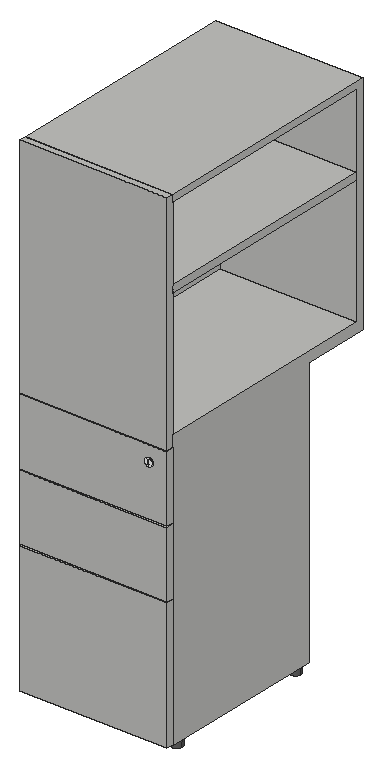
Revit family "Storage-Freestanding-Teknion-JNFBPL-Beam_Tower_Lateral-R20161", category Furniture, Revit 2016
Family settings
  OmniClass Number = 23.40.20.00
  OmniClass Title = General Furniture and Specialties
  Work Plane-Based = No
  Always vertical = Yes
  Cut with Voids When Loaded = No
  Shared = Yes
  Room Calculation Point = No
Parameters (values of type "Solid - Box, Box, File Drawer Configuration")
  Width = 15.000"
  Warranty = "http://www.teknion.com/ca/papers/legal-canada"
  Unit Weight URL = "http://www.teknion.com/ca/tools/assets#&asset=bee6a381-b954-425e-8283-5a2de3a804f2,f828d448-4b62-4231-9e5f-9a8991c0ed77"
  URL = "www.teknion.com"
  To render, please download texture images [instance] = "https://assets.teknion.com/web/5e81352c1dfdb467/revit-material-swatches/"
  Sustainability Data = "http://www.teknion.com/ca/tools/assets#&topic=216f99a5-57a0-44fc-b10a-9dee9b29ae4c&asset=444deb64-fe58-4b68-981e-f75e97781df7"
  Structural Post Visibility [instance] = or(Has End of Station Storage Structural Post, [Has In-Line Storage Structural Post])  # no
  Structural Post Offset [instance] = if(Has End of Station Storage Structural Post, 3.150", 1.573")  # 1.573"
  Structural Post Note [instance] = "Please choose one of the following below, if a Structural Post is needed."  # constant formula
  Structural Post Finish [instance] = Mica - Teknion - V - Satin - Very White
  Shelf Visibility [instance] = or(Height = 51.000", Height = 57.000")  # yes
  Shelf Offset [instance] = if(Height = 51.000", 8.299", 10.000")  # 8.299"
  Series = "Expansion Cityline"  # constant formula
  Product Page URL = "http://www.teknion.com/ca/products/product-details?productlineid=9ad2a26e-8e7a-673b-a6c8-ff05004460c4"
  Product Line = "Expansion Cityline"  # constant formula
  Product Documentation Link = "http://www.teknion.com/pricing/expansion-cityline/pdfs/JNFBPL_ppg.pdf"
  Position Offset Length [instance] = if(End of Station, 1.016", 0.000")  # 0.000"
  Part Number = "JNFBPL"  # constant formula
  Note [instance] = "File drawers can only accommodate legal size suspended files. This storage unit has a central locking system. Depth of drawers is fixed. Only the high open section depth varies."  # constant formula
  Model = "JNFBPLSF"
  Manufacturer Phone = "416-661-3370"  # constant formula
  Manufacturer Fax = "416.661.4586"  # constant formula
  Manufacturer Contact Information = "http://www.teknion.com/ca/contactus"
  Manufacturer Address = "1150 Flint Road, Toronto, ON. M3J 2J5. Canada"  # constant formula
  Manufacturer = "Teknion"  # constant formula
  In-Line [instance] = yes
  How To Use Teknion Materials User Guide [instance] = "https://assets.teknion.com/m/205dd0a49fa58060/original/How-to-add-a-Material-Library-and-Texture-Images-to-your-Revit-project.pdf"
  Height [instance] = 51.000"
  Has In-Line Storage Structural Post [instance] = no
  Has End of Station Storage Structural Post [instance] = no
  Front Finish [instance] = Source Laminate - Teknion - RV - Very White
  For Additional Finishes, please visit [instance] = "https://assets.teknion.com/m/44a8009b046e5d47/original/Teknion_Materials_Library.zip"
  File, File Drawer Configuration = not([Box, Box File Drawer Configuration])  # no
  End of Station [instance] = not([In-Line])  # no
  Description = "Beam Tower with Drawers – Lateral Access, Solid, Box, Box File Drawer Configuration"
  Depth [instance] = 24.000"
  Case Finish [instance] = Source Laminate - Teknion - RV - Very White
  Cabinet Gap Offset [instance] = if(Depth = 24.000", 6.898", 12.898")  # 6.898"
  Box, Box File Drawer Configuration = yes
  Back Glide Position Offset [instance] = if([In-Line], Cabinet Gap Offset + 0.997", 0.997")  # 7.895"
  Available Heights [instance] = "42, 51, and 57 inches."  # constant formula
  Available Depths [instance] = "24, 30 inches."  # constant formula
  Assembly Code = "E2020200"
Types (2): name | Model | File, File Drawer Configuration | Description | Box, Box File Drawer Configuration
  Solid - Box, Box, File Drawer Configuration | "JNFBPLSF" | no | "Beam Tower with Drawers – Lateral Access, Solid, Box, Box File Drawer Configuration" | yes
  Solid - File, File, Drawer Configuration | "JNFBPLSB" | yes | "Beam Tower with Drawers – Lateral Access, Solid, File, File, Drawer Configuration" | no
Reference planes (in)
  plane 1 "Center Front/Back": y = 0.09843
  plane 2: z = 0
  plane 3 "Center Left/Right": x = 0
  plane 4 "Left": x = -7.5
  plane 5 "Right": x = 7.5
  plane 6 "Back": y = 12.09843
  plane 7 "Front": y = -11.90157
  plane 8 "Top": z = 51
  plane 9: y = 11.39764
  plane 10: x = -6.48425
  plane 11: y = 5.20043
  plane 12: y = -12.09843
  plane 13: y = -12.79921
  plane 14: z = 13.98228
  plane 15: z = 0.72047
  plane 16: z = 20.89665
  plane 17: z = 21.01476
  plane 18: z = 27.81102
  plane 19: z = 27.92913
  plane 20: z = 14.10039
  plane 21: z = 27.98425
  plane 22: z = 0.60236
  plane 23: y = -12.85827
  plane 24: z = 42.701
  plane 25: z = 42.00021
  plane 26: z = 29
  plane 27: y = 10.52543
  plane 28: y = 12.70543
  plane 29: y = 11.49643
  plane 30: x = -6.189
  plane 31: x = -4.98
  plane 32: z = 1
  plane 33: z = 23.599
  plane 34: z = 27.071
  plane 35: z = 23.787
  plane 36: y = 12.85043
  plane 37: y = 11.35043
  plane 38: x = -6.335
  plane 39: x = -4.835
  plane 40: z = 27.259
Forms (in)
  Extrusion 1, solid, material "Source Laminate - Teknion - RV - Very White" <- "Case Finish"
    sketch origin (-7.5, 0, 0) x (0, 1, 0) y (0, 0, 1)
      loop
        line (12.09843, 0.60236) -> (12.09843, 51) -> (-12.09843, 51) -> (-12.09843, 27.92913) -> (-11.90157, 27.92913) -> (-11.90157, 0.60236) -> (12.09843, 0.60236)
    from 0 to 15
  Extrusion 2, solid, material "Source Laminate - Teknion - RV - Very White" <- "Front Finish"
    sketch origin (0, -12.09843, 42) x (0, 0, 1) y (-1, 0, 0)
      loop
        line (-28.01772, 7.5) -> (-41.27953, 7.5) -> (-41.27953, -7.5) -> (-28.01772, -7.5) -> (-28.01772, 7.5)
    from 0 to 0.70079
  Extrusion 3, solid, material "Source Laminate - Teknion - RV - Very White" <- "Front Finish", visible <- "Box, Box File Drawer Configuration"
    sketch origin (0, -12.09843, 42) x (0, 0, 1) y (-1, 0, 0)
      loop
        line (-27.89961, -7.5) -> (-21.10335, -7.5) -> (-21.10335, 7.5) -> (-27.89961, 7.5) -> (-27.89961, -7.5)
    from 0 to 0.70079
  Extrusion 4, solid, material "Source Laminate - Teknion - RV - Very White" <- "Front Finish", visible <- "Box, Box File Drawer Configuration"
    sketch origin (0, -12.09843, 42) x (0, 0, 1) y (-1, 0, 0)
      loop
        line (-20.98524, -7.5) -> (-14.18898, -7.5) -> (-14.18898, 7.5) -> (-20.98524, 7.5) -> (-20.98524, -7.5)
    from 0 to 0.70079
  Extrusion 5, solid, material "Source Laminate - Teknion - RV - Very White" <- "Front Finish"
    sketch origin (0, -12.09843, 42) x (0, 0, 1) y (-1, 0, 0)
      loop
        line (9, 7.5) -> (-14.07087, 7.5) -> (-14.07087, -7.5) -> (9, -7.5) -> (9, 7.5)
    from 0 to 0.70079
  Extrusion 6, solid, material "Plastic - Teknion - 52 - Ebony"
    sketch origin (0, 0, 0) x (1, 0, 0) y (0, 1, 0)
      loop
        circle (-6.99262, 4.20343) r 0.5
      loop
        circle (6.99262, 4.20298) r 0.5
      loop
        circle (-6.99262, -10.90161) r 0.5
      loop
        circle (6.99262, -10.90161) r 0.5
    from 0 to 0.60236
  Extrusion 7, void
    sketch origin (0, 0, 0) x (1, 0, 0) y (0, 1, 0)
      loop
        line (7.5, 5.20043) -> (7.5, 12.09843) -> (-7.5, 12.09843) -> (-7.5, 5.20043) -> (7.5, 5.20043)
    from 0.60236 to 27.98425
  Extrusion 8, void
    sketch origin (7.5, 0, 0) x (0, 1, 0) y (0, 0, -1)
      loop
        line (11.39764, -29) -> (-12.09843, -29) -> (-12.09843, -50.29921) -> (11.39764, -50.29921) -> (11.39764, -29)
    from 0 to 13.98425
  Extrusion 9, solid, material "Mica - Teknion - V - Satin - Very White"
    sketch origin (0, -12.09843, 42) x (0, 0, 1) y (-1, 0, 0)
      loop
        circle (-15.76378, -5.66929) r 0.39236
      loop
        line (-15.57677, -5.7185) -> (-15.57677, -5.62007) -> (-15.95079, -5.62007) -> (-15.95079, -5.7185) -> (-15.57677, -5.7185)
    from 0.70079 to 0.75984
  Extrusion 10, solid, material "Source Laminate - Teknion - RV - Very White" <- "Case Finish", visible <- "Shelf Visibility"
    sketch origin (0, 0, 0) x (1, 0, 0) y (0, 1, 0)
      loop
        line (-6.48425, 11.39764) -> (-6.48425, -12.09843) -> (7.5, -12.09843) -> (7.5, 11.39764) -> (-6.48425, 11.39764)
    from 42.00021 to 42.701
  Extrusion 11, solid, material "Source Laminate - Teknion - RV - Very White" <- "Front Finish", visible <- "File, File Drawer Configuration"
    sketch origin (0, -12.09843, 42) x (0, 0, 1) y (-1, 0, 0)
      loop
        line (-27.89961, -7.5) -> (-14.18898, -7.5) -> (-14.18898, 7.5) -> (-27.89961, 7.5) -> (-27.89961, -7.5)
    from 0 to 0.70079
  Extrusion 12, solid, material "Mica - Teknion - V - Satin - Very White" <- "Structural Post Finish", visible <- "Structural Post Visibility"
    sketch origin (0, 0, 0) x (1, 0, 0) y (0, 1, 0)
      loop
        line (-6.189, 12.70543) -> (-6.189, 11.49643) -> (-4.98, 11.49643) -> (-4.98, 12.70543) -> (-6.189, 12.70543)
    from 0 to 1
  Extrusion 13, solid, material "Mica - Teknion - V - Satin - Very White" <- "Structural Post Finish", visible <- "Structural Post Visibility"
    sketch origin (0, 0, 0) x (1, 0, 0) y (0, 1, 0)
      loop
        line (-6.335, 12.85043) -> (-6.335, 11.35043) -> (-4.835, 11.35043) -> (-4.835, 12.85043) -> (-6.335, 12.85043)
    from 1 to 23.599
  Sweep 14, solid, material "Mica - Teknion - V - Satin - Very White" <- "Structural Post Finish", visible <- "Structural Post Visibility"
    path origin (0, 0, 0) x (1, 0, 0) y (0, 1, 0)
      loop
        line (-6.957, 10.52543) -> (-4.323, 10.52543)
    profile origin (-5.64, 10.52543, 0) x (0, 1, 0) y (0, 0, 1)
      loop
        line (3.15, 23.599) -> (3.15, 27.259) -> (0, 27.259) -> (0, 23.599) -> (3.15, 23.599)
      loop
        line (3.032, 23.787) -> (3.032, 27.071) -> (0.118, 27.071) -> (0.118, 23.787) -> (3.032, 23.787)
  Sweep 15, void
    path origin (0, 0, 0) x (1, 0, 0) y (0, 1, 0)
      loop
        line (-6.957, 10.52543) -> (-6.376, 10.52543)
    profile origin (-6.6665, 10.52543, 0) x (0, 1, 0) y (0, 0, 1)
      loop
        line (3.15, 27.071) -> (3.032, 27.071) -> (3.032, 23.787) -> (3.15, 23.787) -> (3.15, 27.071)
  Sweep 16, void
    path origin (0, 0, 0) x (0, 1, 0) y (0, 0, 1)
      loop
        line (10.52543, 27.259) -> (10.52543, 23.599)
    profile origin (0, 10.52543, 25.429) x (1, 0, 0) y (0, 1, 0)
      loop
        line (-6.957, 1.949) -> (-6.957, 1.201) -> (-6.335, 1.201) -> (-6.335, 1.949) -> (-6.957, 1.949)
Cuts and joins
  Extrusion 7, Extrusion 8 cuts Extrusion 1
  Sweep 15, Sweep 16 cuts Sweep 14
Lines and regions (in)
  Masking region 1
    outline origin (0, 0, 0) x (1, 0, 0) y (0, 1, 0)
      loop
        line (7.5, 12.09843) -> (-7.5, 12.09843) -> (-7.5, -12.79921) -> (7.5, -12.79921) -> (7.5, 12.09843)
  Masking region 2
    outline origin (0, 0, 0) x (1, 0, 0) y (0, 1, 0)
      loop
        line (5.27693, -12.79921) -> (5.27693, -12.85827) -> (6.06165, -12.85827) -> (6.06165, -12.79921) -> (5.27693, -12.79921)
  symbolic lines
    curve 1: line (-7.5, -12.09843, 0) -> (7.5, -12.09843, 0)
  symbolic lines, style "FurnitureHiddenLines", detail levels medium+fine
    curve 2: line (-6.48425, 11.39764, 0) -> (-6.48425, -12.09843, 0)
    curve 3: line (7.5, 11.39764, 0) -> (-6.48425, 11.39764, 0)
    curve 12: line (-7.5, 5.20043, 0) -> (7.5, 5.20043, 0)
  symbolic lines, style "FurnitureHiddenLines", detail levels fine
    curve 4: arc (-6.49262, 4.20343, 0) -> (-6.99262, 4.70343, 0) -> (-7.49262, 4.20343, 0) r 0.5
    curve 5: arc (-7.49262, 4.20343, 0) -> (-6.99262, 3.70343, 0) -> (-6.49262, 4.20343, 0) r 0.5
    curve 6: arc (6.49262, 4.20298, 0) -> (6.99262, 3.70298, 0) -> (7.49262, 4.20298, 0) r 0.5
    curve 7: arc (7.49262, 4.20298, 0) -> (6.99262, 4.70298, 0) -> (6.49262, 4.20298, 0) r 0.5
    curve 8: arc (7.49262, -10.90161, 0) -> (6.99262, -10.40161, 0) -> (6.49262, -10.90161, 0) r 0.5
    curve 9: arc (6.49262, -10.90161, 0) -> (6.99262, -11.40161, 0) -> (7.49262, -10.90161, 0) r 0.5
    curve 10: arc (-6.49262, -10.90161, 0) -> (-6.99262, -10.40161, 0) -> (-7.49262, -10.90161, 0) r 0.5
    curve 11: arc (-7.49262, -10.90161, 0) -> (-6.99262, -11.40161, 0) -> (-6.49262, -10.90161, 0) r 0.5
  reference lines, not visible
    curve 13: line (-7.5, 12.09843, 0) -> (7.5, 12.09843, 0)
    curve 14: line (-7.5, 12.09843, 0) -> (-7.5, -12.79921, 0)
    curve 15: line (-7.5, -12.79921, 0) -> (7.5, -12.79921, 0)
    curve 16: line (7.5, 12.09843, 0) -> (7.5, -12.79921, 0)
  symbolic lines, style "FurnitureHiddenLines", visible <- "Structural Post Visibility", detail levels medium+fine
    curve 17: line (-4.323, 13.67543, 0) -> (-6.957, 13.67543, 0)
    curve 18: line (-6.957, 13.67543, 0) -> (-6.957, 12.47443, 0)
    curve 19: line (-6.957, 12.47443, 0) -> (-6.335, 12.47443, 0)
    curve 20: line (-6.335, 11.72643, 0) -> (-6.957, 11.72643, 0)
    curve 21: line (-6.957, 11.72643, 0) -> (-6.957, 10.52543, 0)
    curve 22: line (-6.957, 10.52543, 0) -> (-4.323, 10.52543, 0)
    curve 23: line (-4.323, 10.52543, 0) -> (-4.323, 13.67543, 0)
    curve 24: line (-4.835, 12.85043, 0) -> (-6.335, 12.85043, 0)
    curve 25: line (-6.335, 12.85043, 0) -> (-6.335, 11.35043, 0)
    curve 26: line (-6.335, 11.35043, 0) -> (-4.835, 11.35043, 0)
    curve 27: line (-4.835, 11.35043, 0) -> (-4.835, 12.85043, 0)
  symbolic lines, style "FurnitureHiddenLines", visible <- "Structural Post Visibility", detail levels fine
    curve 28: line (-6.376, 13.55743, 0) -> (-6.376, 13.67543, 0)
    curve 29: line (-6.376, 13.55743, 0) -> (-4.323, 13.55743, 0)
    curve 30: line (-6.189, 12.70543, 0) -> (-6.189, 11.49643, 0)
    curve 31: line (-4.98, 12.70543, 0) -> (-6.189, 12.70543, 0)
    curve 32: line (-4.98, 11.49643, 0) -> (-4.98, 12.70543, 0)
    curve 33: line (-6.189, 11.49643, 0) -> (-4.98, 11.49643, 0)
    curve 34: line (-4.323, 10.64343, 0) -> (-6.957, 10.64343, 0)
Dimensions and locks (in)
  "Width": plane 4 "Left" to plane 5 "Right"
  "Depth": plane 6 "Back" to plane 7 "Front"
  "Height": plane 8 "Top" to level
  locked: plane 4 "Left" to plane 10 at 1.01575
  locked: plane 6 "Back" to plane 9 at 0.70079
  equal spacing: plane 4 "Left", plane 3 "Center Left/Right", plane 5 "Right"
  equal spacing: plane 7 "Front", plane 1 "Center Front/Back", plane 6 "Back"
  "Cabinet Gap Offset": plane 11 to plane 6 "Back"
  plane 7 "Front" to plane 12 to plane 13 = 0.19685" locked, 0.70079" locked
  plane 19 to plane 18 to plane 17 to plane 16 to plane 20 to plane 14 to plane 15 = 0.11811" locked, 6.79626" locked, 0.11811" locked, 6.79626" locked, 0.11811" locked, 13.26181" locked
  locked: plane 15 to plane 2 at 0.72047
  locked: Extrusion 6 sketch curve to plane 5 "Right" at 0.50738  (x2)
  locked: Extrusion 6 sketch curve to plane 11 at 0.99744
  locked: plane 4 "Left" to Extrusion 6 sketch curve at 0.50738  (x2)
  "Back Glide Position Offset": Extrusion 6 sketch curve to plane 6 "Back"
  locked: plane 7 "Front" to Extrusion 6 sketch curve at 0.99996  (x2)
  locked: plane 21 to plane 2 at 27.98425
  "Position Offset Length": plane 4 "Left" to Extrusion 7 sketch curve
  locked: plane 8 "Top" to Extrusion 8 sketch curve at 0.70079
  locked: plane 2 to plane 22 at 0.60236
  locked: plane 23 to plane 13 at 0.05906
  locked: Extrusion 9 sketch curve to plane 5 "Right" at 1.83071
  locked: plane 18 to Extrusion 9 sketch curve at 1.5748
  plane 18 to Extrusion 9 sketch curve to Extrusion 9 sketch curve = 1.3878" locked, 0.37402" locked
  Extrusion 9 sketch curve to Extrusion 9 sketch curve to plane 5 "Right" = 0.09843" locked, 1.7815" locked
  locked: plane 24 to plane 25 at 0.70079
  locked: plane 25 to plane 19 at 14.07108
  Masking region 2 sketch curve to Masking region 2 sketch curve to plane 5 "Right" = 0.78472" locked, 1.43835" locked
  locked: plane 26 to plane 21 at 1.01575
  "Structural Post Offset": plane 6 "Back" to plane 27
  plane 28 to plane 29 to plane 27 = 1.209" locked, 0.971" locked
  plane 4 "Left" to plane 30 to plane 31 = 1.311" locked, 1.209" locked
  plane 40 to plane 34 to plane 35 to plane 33 to plane 32 to level = 0.188" locked, 3.284" locked, 0.188" locked, 22.599" locked, 1.000" locked
  plane 36 to plane 37 to plane 27 = 1.500" locked, 0.825" locked
  plane 4 "Left" to plane 38 to plane 39 = 1.165" locked, 1.500" locked
  plane 4 "Left" to Sweep 14 sketch curve to Sweep 14 sketch curve = 0.543" locked, 2.634" locked
  locked: Sweep 14 sketch curve to plane 27 at 3.15
  locked: Sweep 14 sketch curve to plane 27 at 0.118
  locked: Sweep 14 sketch curve to plane 27 at 3.032
  plane 4 "Left" to Sweep 15 sketch curve to Sweep 15 sketch curve = 0.543" locked, 0.581" locked
  Sweep 14 to Sweep 14 to plane 27 = 0.118", 3.032"
  Sweep 15 sketch curve to Sweep 15 sketch curve to plane 27 = 0.118" locked, 3.032" locked
  plane 4 "Left" to Sweep 16 sketch curve to Sweep 16 sketch curve = 0.543" locked, 0.622" locked
  Sweep 16 sketch curve to Sweep 16 sketch curve to plane 27 = 0.748" locked, 1.201" locked
  aligned and locked: level to plane 2
  aligned and locked: plane 6 "Back" to Extrusion 1 sketch curve
  aligned and locked: Extrusion 1 sketch curve to plane 7 "Front"
  aligned and locked: Extrusion 1 sketch curve to plane 8 "Top"
  aligned and locked: Extrusion 1 to plane 5 "Right"
  aligned and locked: Extrusion 1 to plane 4 "Left"
  aligned and locked: plane 8 "Top" to Extrusion 1
  aligned and locked: Extrusion 2 sketch curve to plane 4 "Left"
  aligned and locked: Extrusion 2 sketch curve to plane 14
  aligned and locked: plane 5 "Right" to Extrusion 2 sketch curve
  aligned and locked: Extrusion 2 sketch curve to plane 15
  aligned and locked: Extrusion 3 sketch curve to plane 20
  aligned and locked: Extrusion 3 sketch curve to plane 4 "Left"
  aligned and locked: plane 5 "Right" to Extrusion 3 sketch curve
  aligned and locked: Extrusion 3 sketch curve to plane 16
  aligned and locked: Extrusion 4 sketch curve to plane 17
  aligned and locked: plane 5 "Right" to Extrusion 4 sketch curve
  aligned and locked: Extrusion 4 sketch curve to plane 4 "Left"
  aligned and locked: Extrusion 4 sketch curve to plane 18
  aligned and locked: Extrusion 5 sketch curve to plane 4 "Left"
  aligned and locked: Extrusion 5 sketch curve to plane 8 "Top"
  aligned and locked: plane 5 "Right" to Extrusion 5 sketch curve
  aligned and locked: Extrusion 5 sketch curve to plane 19
  aligned and locked: plane 13 to Extrusion 5
  aligned and locked: plane 13 to Extrusion 4
  aligned and locked: plane 13 to Extrusion 3
  aligned and locked: plane 13 to Extrusion 2
  aligned and locked: Extrusion 4 to plane 12
  aligned and locked: Extrusion 3 to plane 12
  aligned and locked: Extrusion 2 to plane 12
  aligned and locked: Extrusion 6 to Extrusion 1
  aligned and locked: Extrusion 6 to plane 2
  aligned and locked: Extrusion 7 sketch curve to plane 11
  aligned and locked: plane 5 "Right" to Extrusion 7 sketch curve
  aligned and locked: Extrusion 7 sketch curve to plane 6 "Back"
  aligned and locked: plane 21 to Extrusion 7
  aligned and locked: plane 6 "Back" to Extrusion 7
  aligned and locked: plane 11 to Extrusion 7
  aligned and locked: Extrusion 5 to plane 12
  aligned and locked: cut or joined group of Extrusion 1, Extrusion 7, Extrusion 8 to plane 10
  aligned and locked: plane 2 to Extrusion 6  (x2)
  aligned and locked: Extrusion 1 sketch curve to plane 22
  aligned and locked: Extrusion 1 sketch curve to plane 19
  aligned and locked: Extrusion 1 sketch curve to plane 12
  aligned and locked: plane 22 to cut or joined group of Extrusion 1, Extrusion 7, Extrusion 8
  aligned and locked: Extrusion 9 to plane 13
  aligned and locked: Extrusion 9 to plane 23
  aligned and locked: Extrusion 10 sketch curve to plane 9
  aligned and locked: plane 5 "Right" to Extrusion 10 sketch curve
  aligned and locked: Extrusion 10 to plane 24
  aligned and locked: plane 25 to Extrusion 10
  aligned and locked: cut or joined group of Extrusion 1, Extrusion 7, Extrusion 8 to plane 5 "Right"
  aligned and locked: cut or joined group of Extrusion 1, Extrusion 7, Extrusion 8 to Extrusion 10
  aligned and locked: plane 5 "Right" to Masking region 1 sketch curve
  aligned and locked: Masking region 1 sketch curve to plane 13
  aligned and locked: Masking region 1 sketch curve to plane 4 "Left"
  aligned and locked: Masking region 1 sketch curve to plane 6 "Back"
  aligned and locked: curve 4 to Extrusion 6
  aligned and locked: curve 5 to Extrusion 6
  aligned and locked: curve 6 to Extrusion 6
  aligned and locked: curve 7 to Extrusion 6
  aligned and locked: curve 8 to Extrusion 6
  aligned and locked: curve 9 to Extrusion 6
  aligned and locked: curve 10 to Extrusion 6
  aligned and locked: curve 11 to Extrusion 6
  aligned and locked: Masking region 2 sketch curve to Extrusion 9  (x2)
  aligned and locked: Extrusion 8 sketch curve to plane 9
  aligned and locked: curve 13 to plane 6 "Back"
  aligned and locked: curve 14 to plane 4 "Left"
  aligned and locked: plane 5 "Right" to curve 16
  aligned and locked: curve 15 to plane 13
  aligned and locked: Extrusion 11 sketch curve to plane 20
  aligned and locked: Extrusion 11 sketch curve to plane 18
  aligned and locked: Extrusion 11 sketch curve to plane 4 "Left"
  aligned and locked: plane 5 "Right" to Extrusion 11 sketch curve
  aligned and locked: Extrusion 11 to plane 13
  aligned and locked: Extrusion 11 to plane 12
  aligned and locked: curve 1 to cut or joined group of Extrusion 1, Extrusion 7, Extrusion 8
  aligned and locked: plane 5 "Right" to curve 3
  aligned and locked: curve 3 to plane 9
  aligned and locked: plane 9 to curve 2
  aligned and locked: cut or joined group of Extrusion 1, Extrusion 7, Extrusion 8 to curve 2
  aligned and locked: curve 2 to plane 10
  aligned and locked: plane 4 "Left" to Extrusion 5
  aligned and locked: plane 5 "Right" to curve 1
  aligned and locked: Extrusion 8 sketch curve to plane 26
  aligned and locked: Extrusion 12 sketch curve to plane 28
  aligned and locked: Extrusion 12 sketch curve to plane 30
  aligned and locked: Extrusion 12 sketch curve to plane 29
  aligned and locked: Extrusion 12 sketch curve to plane 31
  aligned and locked: Extrusion 12 to level
  aligned and locked: plane 32 to Extrusion 12
  aligned and locked: Extrusion 13 sketch curve to plane 36
  aligned and locked: Extrusion 13 sketch curve to plane 38
  aligned and locked: Extrusion 13 sketch curve to plane 37
  aligned and locked: Extrusion 13 sketch curve to plane 39
  aligned and locked: plane 33 to Extrusion 13
  aligned and locked: Extrusion 13 to plane 32
  aligned and locked: Sweep 14 sketch curve to plane 27
  aligned and locked: Sweep 14 sketch curve to plane 33
  aligned and locked: plane 27 to Sweep 14 sketch curve
  aligned and locked: Sweep 14 sketch curve to plane 40
  aligned and locked: Sweep 14 sketch curve to plane 35
  aligned and locked: plane 34 to Sweep 14 sketch curve
  aligned and locked: Sweep 15 sketch curve to plane 27
  aligned and locked: Sweep 15 sketch curve to plane 34
  aligned and locked: plane 35 to Sweep 15 sketch curve
  aligned and locked: plane 33 to Sweep 16 sketch curve
  aligned and locked: plane 40 to Sweep 16 sketch curve
  aligned and locked: plane 27 to Sweep 16 sketch curve
  aligned and locked: Sweep 16 sketch curve to plane 3 "Center Left/Right"
  aligned and locked: curve 17 to cut or joined group of Sweep 14, Sweep 15, Sweep 16
  aligned and locked: curve 19 to cut or joined group of Sweep 14, Sweep 15, Sweep 16
  aligned and locked: curve 20 to cut or joined group of Sweep 14, Sweep 15, Sweep 16
  aligned and locked: curve 21 to cut or joined group of Sweep 14, Sweep 15, Sweep 16
  aligned and locked: curve 22 to cut or joined group of Sweep 14, Sweep 15, Sweep 16
  aligned and locked: curve 23 to cut or joined group of Sweep 14, Sweep 15, Sweep 16
  aligned and locked: curve 24 to Extrusion 13
  aligned and locked: curve 25 to Extrusion 13
  aligned and locked: curve 26 to Extrusion 13
  aligned and locked: curve 27 to Extrusion 13
  aligned and locked: curve 28 to cut or joined group of Sweep 14, Sweep 15, Sweep 16
  aligned and locked: curve 29 to cut or joined group of Sweep 14, Sweep 15, Sweep 16
  aligned and locked: curve 30 to Extrusion 12
  aligned and locked: curve 31 to Extrusion 12
  aligned and locked: curve 32 to Extrusion 12
  aligned and locked: curve 33 to Extrusion 12
  aligned and locked: curve 34 to cut or joined group of Sweep 14, Sweep 15, Sweep 16
Automatic sketch dimensions
  plane 4 "Left" to Extrusion 10 sketch curve = 1.01575"
  plane 12 to Extrusion 10 sketch curve = 0.000"
  Extrusion 8 sketch curve to plane 12 = 0.000"
  curve 1 to plane 4 "Left" = 0.000"
  curve 12 to plane 4 "Left" = 0.000"
  curve 12 to plane 5 "Right" = 0.000"
  plane 11 to curve 12 = 0.000"
  curve 19 to plane 10 = 0.47275"
  radius of Extrusion 6 sketch curve = 0.500"  (x4)
  radius of Extrusion 9 sketch curve = 0.39236"
